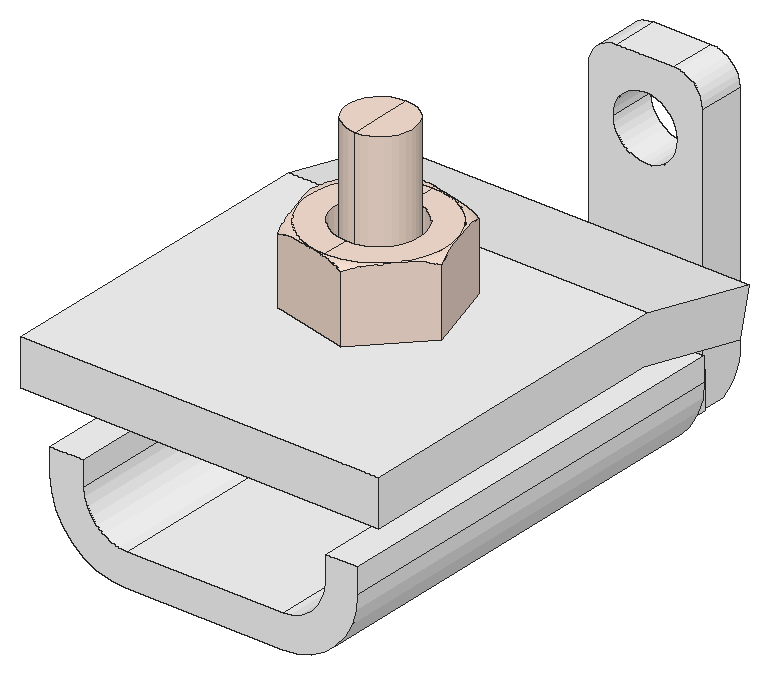
Revit family "rp-sclip", category 機械設備, Revit 2022
Family settings
  丸型コネクタ寸法 = 直径を使用
  種別 = なし
  パーツ タイプ = 標準
  作業面ベース = いいえ
  常に垂直 = はい
  ロード時にボイドで切り取り = いいえ
  注釈の向きを維持 = いいえ
  共有 = いいえ
  部屋計算ポイント = いいえ
Parameters
  製造元 = "株式会社桐井製作所"
  既定の高さ = 0 mm
  URL = "https://www.kirii.co.jp/"
  K_品名 = "RP-Sクリップ"
  K_名称 = "耐震クリップ"
  K_入数 = "200"
  K_バージョン情報 = "20210714"
Reference planes
  plane 1 "中心(正面/背面)": y = 0
  plane 2: z = 0
  plane 3 "中心(左/右)": x = 0
  plane 4: z = 16
Forms (mm)
  Extrusion 1, solid
    sketch origin (-14.14, -263.489, -176.549) x (0, -1, 0) y (0, 0, -1)
      loop
        line (-251.458, -194.886) -> (-259.862, -192.885) -> (-260.603, -195.998) -> (-251.833, -198.086) -> (-228.395, -198.086) -> (-228.395, -194.886) -> (-251.458, -194.886)
    from 0 to 25.063
  Extrusion 2, void
    sketch origin (-242.787, -42.13, 18.445) x (1, 0, 0) y (0, 1, 0)
      loop
        circle (241.419, 22.389) r 3.25
    from 0 to 3.802
  Extrusion 3, solid
    sketch origin (-70.79, 0, -44.084) x (1, 0, 0) y (0, 0, 1)
      loop
        line (60.868, 59.283) -> (58.491, 59.282) -> (58.491, 57.58)
        arc (58.491, 57.58) -> (60.044, 53.833) -> (63.791, 52.28) r 5.3
        line (63.791, 52.28) -> (74.696, 52.281)
        arc (74.696, 52.281) -> (78.444, 53.833) -> (79.996, 57.581) r 5.3
        line (79.996, 57.581) -> (79.996, 59.284) -> (77.696, 59.283) -> (77.696, 57.581)
        arc (77.696, 57.581) -> (76.817, 55.46) -> (74.696, 54.581) r 3
        line (74.696, 54.581) -> (63.868, 54.58)
        arc (63.868, 54.58) -> (61.747, 55.459) -> (60.868, 57.58) r 3
        line (60.868, 57.58) -> (60.868, 59.283)
    from 0 to 34.781
  Extrusion 4, void
    sketch origin (-69.219, 0, 7.935) x (1, 0, 0) y (0, 1, 0)
      loop
        line (80.213, 2.719) -> (74.815, 2.719) -> (74.815, -4.6) -> (80.213, -4.6) -> (80.213, 2.719)
    from 0 to 8
  Extrusion 5, solid
    sketch origin (-70.117, 3.2, -44.085) x (1, 0, 0) y (0, 0, 1)
      loop
        line (67.568, 52.281) -> (74.01, 52.281)
        arc (74.01, 52.281) -> (74.792, 52.339) -> (75.557, 52.512) r 5.3
        line (75.557, 52.512) -> (75.557, 71.281)
        arc (75.557, 71.281) -> (74.971, 72.695) -> (73.567, 73.281) r 2
        line (73.567, 73.281) -> (69.567, 73.281)
        arc (69.567, 73.281) -> (68.153, 72.695) -> (67.567, 71.28) r 2
        line (67.567, 71.28) -> (67.568, 52.281)
      loop
        circle (71.567, 68.781) r 2.25
    from 0 to 3.2
  Extrusion 6, void
    sketch origin (-2.28, -0.82, -44.787) x (0, 1, 0) y (0, 0, 1)
      loop
        arc (4.02, 55.401) -> (2.975, 53.458) -> (0.82, 52.983) r 2.646
        line (0.82, 52.983) -> (0.82, 52.186) -> (4.02, 52.186) -> (4.02, 55.401)
    from -3.601 to 8.033
  Extrusion 7, void
    sketch origin (-1.656, 1.241, 8.259) x (1, 0, 0) y (0, 1, 0)
      loop
        line (-3.001, -17.621) -> (-3.001, -24.621) -> (3.999, -24.621) -> (3.999, -17.621) -> (-3.001, -17.621)
    from 0 to 8
Cuts and joins
  Extrusion 2 cuts Extrusion 1
  Extrusion 4, Extrusion 7 cuts Extrusion 3
  Extrusion 6 cuts Extrusion 5
Dimensions and locks
  aligned and locked: level to plane 2
Nested families
  nested 1: "ナット" at (-1.42, -19.725, 21.536) x (0, 1, 0) z (0, 0, 1), type "ナット"
  nested 2: "根角ボルト" at (-1.196, -19.855, 8.165), type "根角ボルト"
Definition of nested family "ナット"
  Parameters (values of type "ナット")
    Default Elevation = 1219.2 mm
  Reference planes
    plane 1 "中心(正面/背面)": y = 0
    plane 2: z = 0
    plane 3 "中心(左/右)": x = 0
  Forms (mm)
    Extrusion 1, solid
      sketch origin (0, 0, 0) x (1, 0, 0) y (0, 1, 0)
        loop
          line (-55, 45) -> (-55, -45.273) -> (55.986, -45.273) -> (55.986, 45) -> (-55, 45)
      from 0 to -304.8
    Revolve 2, solid
      sketch origin (0, 0, 2.36) x (1, 0, 0) y (0, 0, 1)
        loop
          arc (5.774, 1.64) -> (5.471, 2.356) -> (4.748, 2.639) r 1
          line (4.748, 2.639) -> (2.887, 2.639) -> (2.887, -2.36) -> (5.774, -2.36) -> (5.774, 1.64)
        axis (0, 2.639) -> (0, -2.36)
      angle from 0 to 360
    Extrusion 3, void
      sketch origin (0, 0, 0) x (1, 0, 0) y (0, 1, 0)
        loop
          line (5.286, 1.616) -> (1.243, 5.386) -> (-4.042, 3.77) -> (-5.286, -1.616) -> (-1.243, -5.386) -> (4.042, -3.77) -> (5.286, 1.616)
        loop
          line (1.642, 7.114) -> (-5.34, 4.979) -> (-6.982, -2.135) -> (-1.642, -7.114) -> (5.34, -4.979) -> (6.982, 2.135) -> (1.642, 7.114)
      from 0 to 5.157
  Cuts and joins
    Extrusion 3 cuts Revolve 2
  Dimensions and locks
    aligned and locked: plane 2 to Extrusion 1
    aligned and locked: level to Extrusion 1
Definition of nested family "根角ボルト"
  Parameters (values of type "根角ボルト")
    Manufacturer = "株式会社桐井製作所"
    Default Elevation = 0 mm
    URL = "https://www.kirii.co.jp/"
    K_品名 = "根角ボルトM6×25"
    K_名称 = "ボルト"
  Reference planes
    plane 1 "中心(正面/背面)": y = 0
    plane 2: z = 0
    plane 3 "中心(左/右)": x = 0
    plane 4: x = 10
    plane 5: x = -10
  Forms (mm)
    Revolve 1, solid
      sketch origin (0, 0, 0) x (0, 1, 0) y (0, 0, 1)
        loop
          line (0, 0) -> (0, -1.652)
          arc (0, -1.652) -> (3.596, -1.234) -> (7, 0) r 15.652
          line (7, 0) -> (0, 0)
        axis (0, -1.652) -> (0, 0)
      angle from 0 to 360
    Revolve 2, solid
      sketch origin (0, 0, 0) x (0, 1, 0) y (0, 0, 1)
        loop
          line (2.25, 3) -> (2.25, 25) -> (0, 25) -> (0, 3) -> (0, 0) -> (3.15, 0) -> (3.15, 3) -> (2.25, 3)
        axis (0, 0) -> (0, 25)
      angle from 0 to 360
  Cuts and joins
    joined: Revolve 1, Revolve 2
  Dimensions and locks
    aligned and locked: level to plane 2
